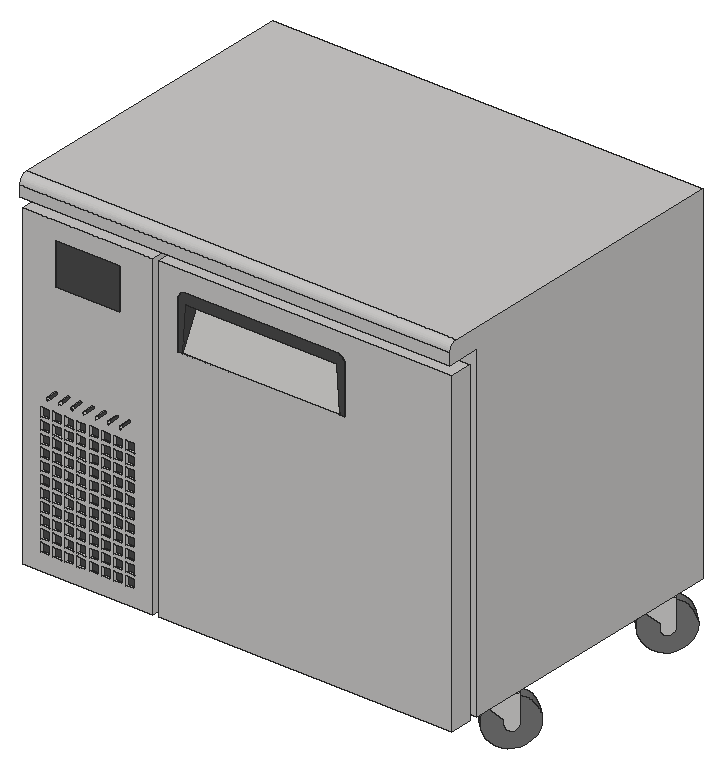
Revit family "QF_Turbo Air_JUR-36cdc43f4a-9d56-4e2c-abd6-0598ae92f046", category Specialty Equipment, Revit 2012
Parameters
  Weight in Pounds = 190
  Watermarked By = "http://revitwatermark.com"
  Volts = 115 V
  URL Cutsheet = ""
  URL = "www.turboairinc.com"
  Status [instance] = ""
  Specification by User [instance] = ""
  Specification by Manufacturer [instance] = ""
  Serial Number [instance] = ""
  Revision Code [instance] = ""
  Phase = 1
  Number of Poles [instance] = 1
  NAFEM Spec ID Number [instance] = ""
  Model = "JUR-36"
  Masterspec [instance] = ""
  Manufacturer = "Turbo Air"  # constant formula
  Legs [instance] = [6 inch Legs]  # no
  Item Number [instance] = "-"
  Installed By [instance] = ""
  HP = "1/4"
  Furnished By [instance] = ""
  Foodservice Equipment Identifier = yes
  FL Amps = 4.5 A
  Electrical Remarks [instance] = ""
  Electric Connection Type [instance] = ""
  Elec Conn RI Height [instance] = 0' - 0"
  Elec Conn Connection Height = 1' - 0"
  Description = "Undercounter Refrigerator"
  Cycle = 60 Hz
  Conn Plug = "NEMA 5-15P"
  Casters [instance] = not(Legs)  # yes
  CasterLeg Height [instance] = if([4 inch Casters], 0' 5", if([5 inch Casters], 0' 5 3/4", if([2_5 inch Casters], 0' 3 3/8", 0' 6")))  # 0' - 5"
  CSI MasterFormat = "11 41 13"
  Assembly Code = "E1090320"
  Apparent Power = if(Phase = 3, Volts * FL Amps * 1.73, Volts * FL Amps)  # 517.5 VA
  6 inch Legs [instance] = no
  5 inch Casters [instance] = no
  4 inch Casters [instance] = yes
  2_5 inch Casters [instance] = no
Reference planes (in)
  plane 1 "BACK": y = -1.5
  plane 2: z = 0
  plane 3 "LEFT": x = -20.72594
  plane 4 "Bottom": z = 5
  plane 5 "Back Stops": y = -0.5
  plane 6 "RIGHT": x = 14.64906
  plane 7 "FRONT": y = -29
  plane 8 "Door Clearance": y = -49.875
  plane 9 "Back of Door": y = -25.4375
  plane 10 "Front of Box": y = -24.75
  plane 11 "Counter Top": z = 33.75
  plane 12 "Top of Door": z = 31.25
  plane 13 "Front of Doors": y = -27.25
  plane 14 "Front of Ledge": y = -27.5
  plane 15 "Left of Door": x = -9.53844
  plane 16 "Right of Grill": x = -9.97594
Forms (in)
  Extrusion 1, solid, material "QF_Finishes_Stainless Steel"
    sketch origin (-20.72594, 0, 0) x (0, 1, 0) y (0, 0, 1)
      loop
        line (-1.5, 5) -> (-1.5, 33.75) -> (-26.8125, 33.75)
        arc (-26.8125, 33.75) -> (-27.29864, 33.54864) -> (-27.5, 33.0625) r 0.6875
        line (-27.5, 33.0625) -> (-27.5, 32.125) -> (-24.75, 32.125) -> (-24.75, 5) -> (-1.5, 5)
    from 0 to 35.375
  Extrusion 2, solid, material "QF_Finishes_Black"
    sketch origin (0, -24.75, 0) x (1, 0, 0) y (0, 0, 1)
      loop
        line (13.64906, 6) -> (13.64906, 30.25) -> (-8.53844, 30.25) -> (-8.53844, 6) -> (13.64906, 6)
    from 0 to 0.6875
  Extrusion 3, solid, material "QF_Finishes_Black"
    sketch origin (0, -1.5, 0) x (1, 0, 0) y (0, 0, 1)
      loop
        circle (-14.60094, 28.9375) r 0.5
      loop
        circle (8.52406, 28.9375) r 0.5
    from 0 to -1
  Extrusion 4, solid, material "QF_Finishes_Stainless Steel"
    sketch origin (0, -1.5, 0) x (1, 0, 0) y (0, 0, 1)
      loop
        circle (-15.35094, 11.125) r 0.25
    from 0 to -0.0625
  Extrusion 5, solid, material "QF_Finishes_Stainless Steel"
    sketch origin (0, -24.75, 0) x (1, 0, 0) y (0, 0, 1)
      loop
        line (-20.72594, 31.25) -> (-20.72594, 5) -> (-9.97594, 5) -> (-9.97594, 31.25) -> (-20.72594, 31.25)
      loop
        line (-11.47594, 7.125) -> (-12.22594, 7.125) -> (-12.22594, 6.375) -> (-11.47594, 6.375) -> (-11.47594, 7.125)
      loop
        line (-12.47594, 7.125) -> (-13.22594, 7.125) -> (-13.22594, 6.375) -> (-12.47594, 6.375) -> (-12.47594, 7.125)
      loop
        line (-13.47594, 7.125) -> (-14.22594, 7.125) -> (-14.22594, 6.375) -> (-13.47594, 6.375) -> (-13.47594, 7.125)
      loop
        line (-14.47594, 7.125) -> (-15.22594, 7.125) -> (-15.22594, 6.375) -> (-14.47594, 6.375) -> (-14.47594, 7.125)
      loop
        line (-15.47594, 7.125) -> (-16.22594, 7.125) -> (-16.22594, 6.375) -> (-15.47594, 6.375) -> (-15.47594, 7.125)
      loop
        line (-16.47594, 7.125) -> (-17.22594, 7.125) -> (-17.22594, 6.375) -> (-16.47594, 6.375) -> (-16.47594, 7.125)
      loop
        line (-17.47594, 7.125) -> (-18.22594, 7.125) -> (-18.22594, 6.375) -> (-17.47594, 6.375) -> (-17.47594, 7.125)
      loop
        line (-18.47594, 7.125) -> (-19.22594, 7.125) -> (-19.22594, 6.375) -> (-18.47594, 6.375) -> (-18.47594, 7.125)
      loop
        line (-11.47594, 8.125) -> (-12.22594, 8.125) -> (-12.22594, 7.375) -> (-11.47594, 7.375) -> (-11.47594, 8.125)
      loop
        line (-12.47594, 8.125) -> (-13.22594, 8.125) -> (-13.22594, 7.375) -> (-12.47594, 7.375) -> (-12.47594, 8.125)
      loop
        line (-13.47594, 8.125) -> (-14.22594, 8.125) -> (-14.22594, 7.375) -> (-13.47594, 7.375) -> (-13.47594, 8.125)
      loop
        line (-14.47594, 8.125) -> (-15.22594, 8.125) -> (-15.22594, 7.375) -> (-14.47594, 7.375) -> (-14.47594, 8.125)
      loop
        line (-15.47594, 8.125) -> (-16.22594, 8.125) -> (-16.22594, 7.375) -> (-15.47594, 7.375) -> (-15.47594, 8.125)
      loop
        line (-16.47594, 8.125) -> (-17.22594, 8.125) -> (-17.22594, 7.375) -> (-16.47594, 7.375) -> (-16.47594, 8.125)
      loop
        line (-17.47594, 8.125) -> (-18.22594, 8.125) -> (-18.22594, 7.375) -> (-17.47594, 7.375) -> (-17.47594, 8.125)
      loop
        line (-18.47594, 8.125) -> (-19.22594, 8.125) -> (-19.22594, 7.375) -> (-18.47594, 7.375) -> (-18.47594, 8.125)
      loop
        line (-11.47594, 9.125) -> (-12.22594, 9.125) -> (-12.22594, 8.375) -> (-11.47594, 8.375) -> (-11.47594, 9.125)
      loop
        line (-12.47594, 9.125) -> (-13.22594, 9.125) -> (-13.22594, 8.375) -> (-12.47594, 8.375) -> (-12.47594, 9.125)
      loop
        line (-13.47594, 9.125) -> (-14.22594, 9.125) -> (-14.22594, 8.375) -> (-13.47594, 8.375) -> (-13.47594, 9.125)
      loop
        line (-14.47594, 9.125) -> (-15.22594, 9.125) -> (-15.22594, 8.375) -> (-14.47594, 8.375) -> (-14.47594, 9.125)
      loop
        line (-15.47594, 9.125) -> (-16.22594, 9.125) -> (-16.22594, 8.375) -> (-15.47594, 8.375) -> (-15.47594, 9.125)
      loop
        line (-16.47594, 9.125) -> (-17.22594, 9.125) -> (-17.22594, 8.375) -> (-16.47594, 8.375) -> (-16.47594, 9.125)
      loop
        line (-17.47594, 9.125) -> (-18.22594, 9.125) -> (-18.22594, 8.375) -> (-17.47594, 8.375) -> (-17.47594, 9.125)
      loop
        line (-18.47594, 9.125) -> (-19.22594, 9.125) -> (-19.22594, 8.375) -> (-18.47594, 8.375) -> (-18.47594, 9.125)
      loop
        line (-11.47594, 10.125) -> (-12.22594, 10.125) -> (-12.22594, 9.375) -> (-11.47594, 9.375) -> (-11.47594, 10.125)
      loop
        line (-12.47594, 10.125) -> (-13.22594, 10.125) -> (-13.22594, 9.375) -> (-12.47594, 9.375) -> (-12.47594, 10.125)
      loop
        line (-13.47594, 10.125) -> (-14.22594, 10.125) -> (-14.22594, 9.375) -> (-13.47594, 9.375) -> (-13.47594, 10.125)
      loop
        line (-14.47594, 10.125) -> (-15.22594, 10.125) -> (-15.22594, 9.375) -> (-14.47594, 9.375) -> (-14.47594, 10.125)
      loop
        line (-15.47594, 10.125) -> (-16.22594, 10.125) -> (-16.22594, 9.375) -> (-15.47594, 9.375) -> (-15.47594, 10.125)
      loop
        line (-16.47594, 10.125) -> (-17.22594, 10.125) -> (-17.22594, 9.375) -> (-16.47594, 9.375) -> (-16.47594, 10.125)
      loop
        line (-17.47594, 10.125) -> (-18.22594, 10.125) -> (-18.22594, 9.375) -> (-17.47594, 9.375) -> (-17.47594, 10.125)
      loop
        line (-18.47594, 10.125) -> (-19.22594, 10.125) -> (-19.22594, 9.375) -> (-18.47594, 9.375) -> (-18.47594, 10.125)
      loop
        line (-11.47594, 11.125) -> (-12.22594, 11.125) -> (-12.22594, 10.375) -> (-11.47594, 10.375) -> (-11.47594, 11.125)
      loop
        line (-12.47594, 11.125) -> (-13.22594, 11.125) -> (-13.22594, 10.375) -> (-12.47594, 10.375) -> (-12.47594, 11.125)
      loop
        line (-13.47594, 11.125) -> (-14.22594, 11.125) -> (-14.22594, 10.375) -> (-13.47594, 10.375) -> (-13.47594, 11.125)
      loop
        line (-14.47594, 11.125) -> (-15.22594, 11.125) -> (-15.22594, 10.375) -> (-14.47594, 10.375) -> (-14.47594, 11.125)
      loop
        line (-15.47594, 11.125) -> (-16.22594, 11.125) -> (-16.22594, 10.375) -> (-15.47594, 10.375) -> (-15.47594, 11.125)
      loop
        line (-16.47594, 11.125) -> (-17.22594, 11.125) -> (-17.22594, 10.375) -> (-16.47594, 10.375) -> (-16.47594, 11.125)
      loop
        line (-17.47594, 11.125) -> (-18.22594, 11.125) -> (-18.22594, 10.375) -> (-17.47594, 10.375) -> (-17.47594, 11.125)
      loop
        line (-18.47594, 11.125) -> (-19.22594, 11.125) -> (-19.22594, 10.375) -> (-18.47594, 10.375) -> (-18.47594, 11.125)
      loop
        line (-11.47594, 12.125) -> (-12.22594, 12.125) -> (-12.22594, 11.375) -> (-11.47594, 11.375) -> (-11.47594, 12.125)
      loop
        line (-12.47594, 12.125) -> (-13.22594, 12.125) -> (-13.22594, 11.375) -> (-12.47594, 11.375) -> (-12.47594, 12.125)
      loop
        line (-13.47594, 12.125) -> (-14.22594, 12.125) -> (-14.22594, 11.375) -> (-13.47594, 11.375) -> (-13.47594, 12.125)
      loop
        line (-14.47594, 12.125) -> (-15.22594, 12.125) -> (-15.22594, 11.375) -> (-14.47594, 11.375) -> (-14.47594, 12.125)
      loop
        line (-15.47594, 12.125) -> (-16.22594, 12.125) -> (-16.22594, 11.375) -> (-15.47594, 11.375) -> (-15.47594, 12.125)
      loop
        line (-16.47594, 12.125) -> (-17.22594, 12.125) -> (-17.22594, 11.375) -> (-16.47594, 11.375) -> (-16.47594, 12.125)
      loop
        line (-17.47594, 12.125) -> (-18.22594, 12.125) -> (-18.22594, 11.375) -> (-17.47594, 11.375) -> (-17.47594, 12.125)
      loop
        line (-18.47594, 12.125) -> (-19.22594, 12.125) -> (-19.22594, 11.375) -> (-18.47594, 11.375) -> (-18.47594, 12.125)
      loop
        line (-11.47594, 13.125) -> (-12.22594, 13.125) -> (-12.22594, 12.375) -> (-11.47594, 12.375) -> (-11.47594, 13.125)
      loop
        line (-12.47594, 13.125) -> (-13.22594, 13.125) -> (-13.22594, 12.375) -> (-12.47594, 12.375) -> (-12.47594, 13.125)
      loop
        line (-13.47594, 13.125) -> (-14.22594, 13.125) -> (-14.22594, 12.375) -> (-13.47594, 12.375) -> (-13.47594, 13.125)
      loop
        line (-14.47594, 13.125) -> (-15.22594, 13.125) -> (-15.22594, 12.375) -> (-14.47594, 12.375) -> (-14.47594, 13.125)
      loop
        line (-15.47594, 13.125) -> (-16.22594, 13.125) -> (-16.22594, 12.375) -> (-15.47594, 12.375) -> (-15.47594, 13.125)
      loop
        line (-16.47594, 13.125) -> (-17.22594, 13.125) -> (-17.22594, 12.375) -> (-16.47594, 12.375) -> (-16.47594, 13.125)
      loop
        line (-17.47594, 13.125) -> (-18.22594, 13.125) -> (-18.22594, 12.375) -> (-17.47594, 12.375) -> (-17.47594, 13.125)
      loop
        line (-18.47594, 13.125) -> (-19.22594, 13.125) -> (-19.22594, 12.375) -> (-18.47594, 12.375) -> (-18.47594, 13.125)
      loop
        line (-11.47594, 14.125) -> (-12.22594, 14.125) -> (-12.22594, 13.375) -> (-11.47594, 13.375) -> (-11.47594, 14.125)
      loop
        line (-12.47594, 14.125) -> (-13.22594, 14.125) -> (-13.22594, 13.375) -> (-12.47594, 13.375) -> (-12.47594, 14.125)
      loop
        line (-13.47594, 14.125) -> (-14.22594, 14.125) -> (-14.22594, 13.375) -> (-13.47594, 13.375) -> (-13.47594, 14.125)
      loop
        line (-14.47594, 14.125) -> (-15.22594, 14.125) -> (-15.22594, 13.375) -> (-14.47594, 13.375) -> (-14.47594, 14.125)
      loop
        line (-15.47594, 14.125) -> (-16.22594, 14.125) -> (-16.22594, 13.375) -> (-15.47594, 13.375) -> (-15.47594, 14.125)
      loop
        line (-16.47594, 14.125) -> (-17.22594, 14.125) -> (-17.22594, 13.375) -> (-16.47594, 13.375) -> (-16.47594, 14.125)
      loop
        line (-17.47594, 14.125) -> (-18.22594, 14.125) -> (-18.22594, 13.375) -> (-17.47594, 13.375) -> (-17.47594, 14.125)
      loop
        line (-18.47594, 14.125) -> (-19.22594, 14.125) -> (-19.22594, 13.375) -> (-18.47594, 13.375) -> (-18.47594, 14.125)
      loop
        line (-11.47594, 15.125) -> (-12.22594, 15.125) -> (-12.22594, 14.375) -> (-11.47594, 14.375) -> (-11.47594, 15.125)
      loop
        line (-12.47594, 15.125) -> (-13.22594, 15.125) -> (-13.22594, 14.375) -> (-12.47594, 14.375) -> (-12.47594, 15.125)
      loop
        line (-13.47594, 15.125) -> (-14.22594, 15.125) -> (-14.22594, 14.375) -> (-13.47594, 14.375) -> (-13.47594, 15.125)
      loop
        line (-14.47594, 15.125) -> (-15.22594, 15.125) -> (-15.22594, 14.375) -> (-14.47594, 14.375) -> (-14.47594, 15.125)
      loop
        line (-15.47594, 15.125) -> (-16.22594, 15.125) -> (-16.22594, 14.375) -> (-15.47594, 14.375) -> (-15.47594, 15.125)
      loop
        line (-16.47594, 15.125) -> (-17.22594, 15.125) -> (-17.22594, 14.375) -> (-16.47594, 14.375) -> (-16.47594, 15.125)
      loop
        line (-17.47594, 15.125) -> (-18.22594, 15.125) -> (-18.22594, 14.375) -> (-17.47594, 14.375) -> (-17.47594, 15.125)
      loop
        line (-18.47594, 15.125) -> (-19.22594, 15.125) -> (-19.22594, 14.375) -> (-18.47594, 14.375) -> (-18.47594, 15.125)
      loop
        line (-11.47594, 16.125) -> (-12.22594, 16.125) -> (-12.22594, 15.375) -> (-11.47594, 15.375) -> (-11.47594, 16.125)
      loop
        line (-12.47594, 16.125) -> (-13.22594, 16.125) -> (-13.22594, 15.375) -> (-12.47594, 15.375) -> (-12.47594, 16.125)
      loop
        line (-13.47594, 16.125) -> (-14.22594, 16.125) -> (-14.22594, 15.375) -> (-13.47594, 15.375) -> (-13.47594, 16.125)
      loop
        line (-14.47594, 16.125) -> (-15.22594, 16.125) -> (-15.22594, 15.375) -> (-14.47594, 15.375) -> (-14.47594, 16.125)
      loop
        line (-15.47594, 16.125) -> (-16.22594, 16.125) -> (-16.22594, 15.375) -> (-15.47594, 15.375) -> (-15.47594, 16.125)
      loop
        line (-16.47594, 16.125) -> (-17.22594, 16.125) -> (-17.22594, 15.375) -> (-16.47594, 15.375) -> (-16.47594, 16.125)
      loop
        line (-17.47594, 16.125) -> (-18.22594, 16.125) -> (-18.22594, 15.375) -> (-17.47594, 15.375) -> (-17.47594, 16.125)
      loop
        line (-18.47594, 16.125) -> (-19.22594, 16.125) -> (-19.22594, 15.375) -> (-18.47594, 15.375) -> (-18.47594, 16.125)
      loop
        line (-11.47594, 17.125) -> (-12.22594, 17.125) -> (-12.22594, 16.375) -> (-11.47594, 16.375) -> (-11.47594, 17.125)
      loop
        line (-12.47594, 17.125) -> (-13.22594, 17.125) -> (-13.22594, 16.375) -> (-12.47594, 16.375) -> (-12.47594, 17.125)
      loop
        line (-13.47594, 17.125) -> (-14.22594, 17.125) -> (-14.22594, 16.375) -> (-13.47594, 16.375) -> (-13.47594, 17.125)
      loop
        line (-14.47594, 17.125) -> (-15.22594, 17.125) -> (-15.22594, 16.375) -> (-14.47594, 16.375) -> (-14.47594, 17.125)
      loop
        line (-15.47594, 17.125) -> (-16.22594, 17.125) -> (-16.22594, 16.375) -> (-15.47594, 16.375) -> (-15.47594, 17.125)
      loop
        line (-16.47594, 17.125) -> (-17.22594, 17.125) -> (-17.22594, 16.375) -> (-16.47594, 16.375) -> (-16.47594, 17.125)
      loop
        line (-17.47594, 17.125) -> (-18.22594, 17.125) -> (-18.22594, 16.375) -> (-17.47594, 16.375) -> (-17.47594, 17.125)
      loop
        line (-18.47594, 17.125) -> (-19.22594, 17.125) -> (-19.22594, 16.375) -> (-18.47594, 16.375) -> (-18.47594, 17.125)
      loop
        arc (-14.68933, 17.96339) -> (-14.68933, 17.78661) -> (-14.51255, 17.78661) r 0.125
        line (-14.51255, 17.78661) -> (-13.80544, 18.49372)
        arc (-13.80544, 18.49372) -> (-13.80544, 18.6705) -> (-13.98222, 18.6705) r 0.125
        line (-13.98222, 18.6705) -> (-14.68933, 17.96339)
      loop
        arc (-13.68933, 17.96339) -> (-13.68933, 17.78661) -> (-13.51255, 17.78661) r 0.125
        line (-13.51255, 17.78661) -> (-12.80544, 18.49372)
        arc (-12.80544, 18.49372) -> (-12.80544, 18.6705) -> (-12.98222, 18.6705) r 0.125
        line (-12.98222, 18.6705) -> (-13.68933, 17.96339)
      loop
        arc (-12.68933, 17.96339) -> (-12.68933, 17.78661) -> (-12.51255, 17.78661) r 0.125
        line (-12.51255, 17.78661) -> (-11.80544, 18.49372)
        arc (-11.80544, 18.49372) -> (-11.80544, 18.6705) -> (-11.98222, 18.6705) r 0.125
        line (-11.98222, 18.6705) -> (-12.68933, 17.96339)
      loop
        arc (-17.68933, 17.96339) -> (-17.68933, 17.78661) -> (-17.51255, 17.78661) r 0.125
        line (-17.51255, 17.78661) -> (-16.80544, 18.49372)
        arc (-16.80544, 18.49372) -> (-16.80544, 18.6705) -> (-16.98222, 18.6705) r 0.125
        line (-16.98222, 18.6705) -> (-17.68933, 17.96339)
      loop
        arc (-16.68933, 17.96339) -> (-16.68933, 17.78661) -> (-16.51255, 17.78661) r 0.125
        line (-16.51255, 17.78661) -> (-15.80544, 18.49372)
        arc (-15.80544, 18.49372) -> (-15.80544, 18.6705) -> (-15.98222, 18.6705) r 0.125
        line (-15.98222, 18.6705) -> (-16.68933, 17.96339)
      loop
        arc (-15.68933, 17.96339) -> (-15.68933, 17.78661) -> (-15.51255, 17.78661) r 0.125
        line (-15.51255, 17.78661) -> (-14.80544, 18.49372)
        arc (-14.80544, 18.49372) -> (-14.80544, 18.6705) -> (-14.98222, 18.6705) r 0.125
        line (-14.98222, 18.6705) -> (-15.68933, 17.96339)
      loop
        arc (-18.68933, 17.96339) -> (-18.68933, 17.78661) -> (-18.51255, 17.78661) r 0.125
        line (-18.51255, 17.78661) -> (-17.80544, 18.49372)
        arc (-17.80544, 18.49372) -> (-17.80544, 18.6705) -> (-17.98222, 18.6705) r 0.125
        line (-17.98222, 18.6705) -> (-18.68933, 17.96339)
      loop
        line (-12.72594, 29.75) -> (-17.97594, 29.75) -> (-17.97594, 26.375) -> (-12.72594, 26.375) -> (-12.72594, 29.75)
    from 0 to 2.5
  Extrusion 6, solid, material "QF_Finishes_Black"
    sketch origin (0, -24.75, 0) x (1, 0, 0) y (0, 0, 1)
      loop
        line (-19.72594, 5.875) -> (-10.97594, 5.875) -> (-10.97594, 19.125) -> (-19.72594, 19.125) -> (-19.72594, 5.875)
    from 0 to 2.25
  Extrusion 7, solid, material "QF_Finishes_Black"
    sketch origin (0, -24.75, 0) x (1, 0, 0) y (0, 0, 1)
      loop
        line (-17.97594, 29.75) -> (-17.97594, 26.375) -> (-12.72594, 26.375) -> (-12.72594, 29.75) -> (-17.97594, 29.75)
    from 0 to 2.5
Lines and regions (in)
  symbolic lines
    curve 1: line (-20.72594, -1.5, 33.75) -> (14.64906, -1.5, 33.75)
    curve 2: line (-20.72594, -29, 33.75) -> (-20.72594, -1.5, 33.75)
    curve 3: line (14.64906, -29, 33.75) -> (-20.72594, -29, 33.75)
    curve 4: line (14.64906, -1.5, 33.75) -> (14.64906, -29, 33.75)
    curve 5: line (8.02406, -0.5, 33.75) -> (9.02406, -0.5, 33.75)
    curve 6: line (-15.10094, -0.5, 33.75) -> (-14.10094, -0.5, 33.75)
    curve 7: line (-15.10094, -0.5, 33.75) -> (-15.10094, -1.5, 33.75)
    curve 8: line (-14.10094, -0.5, 33.75) -> (-14.10094, -1.5, 33.75)
    curve 9: line (8.02406, -0.5, 33.75) -> (8.02406, -1.5, 33.75)
    curve 10: line (9.02406, -0.5, 33.75) -> (9.02406, -1.5, 33.75)
  symbolic lines, style "QF_Clearances", detail levels coarse
    curve 11: line (14.64906, -29, 33.75) -> (14.64906, -49.875, 33.75)
    curve 12: arc (14.64906, -49.875, 33.75) -> (-1.23984, -43.92422, 33.75) -> (-9.31054, -29, 33.75) r 24.1875
Dimensions and locks (in)
  "CasterLeg Height": plane 4 "Bottom" to plane 2
  locked: plane 1 "BACK" to plane 5 "Back Stops" at 1
  locked: plane 6 "RIGHT" to plane 3 "LEFT" at 35.375
  locked: plane 7 "FRONT" to plane 1 "BACK" at 27.5
  locked: plane 9 "Back of Door" to plane 10 "Front of Box" at 0.6875
  locked: plane 11 "Counter Top" to plane 4 "Bottom" at 28.75
  locked: Extrusion 2 sketch curve to plane 6 "RIGHT" at 1
  locked: nested 1 to plane 1 "BACK" at 2.5625
  locked: plane 3 "LEFT" to nested 1 at 2.5
  locked: plane 3 "LEFT" to nested 2 at 2.5
  locked: plane 10 "Front of Box" to nested 2 at 4.625
  locked: nested 3 to plane 6 "RIGHT" at 2.5
  locked: nested 4 to plane 6 "RIGHT" at 2.5
  locked: plane 10 "Front of Box" to nested 4 at 4.625
  locked: nested 3 to plane 1 "BACK" at 2.5625
  locked: plane 11 "Counter Top" to Extrusion 3 sketch curve at 4.8125  (x2)
  locked: plane 6 "RIGHT" to Extrusion 3 sketch curve at 6.125
  locked: Extrusion 3 sketch curve to plane 3 "LEFT" at 6.125
  locked: Extrusion 4 sketch curve to plane 4 "Bottom" at 6.125
  locked: Extrusion 2 sketch curve to plane 4 "Bottom" at 1
  locked: plane 12 "Top of Door" to Extrusion 2 sketch curve at 1
  locked: plane 13 "Front of Doors" to plane 10 "Front of Box" at 2.5
  locked: plane 14 "Front of Ledge" to plane 13 "Front of Doors" at 0.25
  locked: plane 11 "Counter Top" to plane 12 "Top of Door" at 2.5
  locked: plane 11 "Counter Top" to Extrusion 1 sketch curve at 1.625
  locked: plane 15 "Left of Door" to plane 6 "RIGHT" at 24.1875
  locked: plane 3 "LEFT" to plane 16 "Right of Grill" at 10.75
  locked: Extrusion 2 sketch curve to plane 15 "Left of Door" at 1
  locked: plane 3 "LEFT" to Extrusion 6 sketch curve at 1
  locked: plane 16 "Right of Grill" to Extrusion 6 sketch curve at 1
  locked: Extrusion 6 sketch curve to plane 4 "Bottom" at 0.875
  locked: Extrusion 6 sketch curve to Extrusion 6 sketch curve at 13.25
  locked: Extrusion 4 sketch curve to plane 3 "LEFT" at 5.375
  locked: plane 8 "Door Clearance" to plane 7 "FRONT" at 20.875
  aligned and locked: level to plane 2
  aligned and locked: Extrusion 1 sketch curve to plane 1 "BACK"
  aligned and locked: Extrusion 1 sketch curve to plane 4 "Bottom"
  aligned and locked: plane 10 "Front of Box" to Extrusion 1 sketch curve
  aligned and locked: plane 6 "RIGHT" to Extrusion 1
  aligned and locked: plane 9 "Back of Door" to Extrusion 2
  aligned and locked: Extrusion 1 sketch curve to plane 11 "Counter Top"
  aligned and locked: Extrusion 3 to plane 5 "Back Stops"
  aligned and locked: plane 1 "BACK" to curve 1
  aligned and locked: plane 3 "LEFT" to curve 2
  aligned and locked: curve 3 to plane 7 "FRONT"
  aligned and locked: curve 5 to Extrusion 3
  aligned and locked: curve 6 to Extrusion 3
  aligned and locked: plane 4 "Bottom" to nested 5
  aligned and locked: Extrusion 1 sketch curve to plane 14 "Front of Ledge"
  aligned and locked: plane 15 "Left of Door" to nested 5
  aligned and locked: Extrusion 5 sketch curve to plane 12 "Top of Door"
  aligned and locked: plane 3 "LEFT" to Extrusion 5 sketch curve
  aligned and locked: plane 4 "Bottom" to Extrusion 5 sketch curve
  aligned and locked: plane 16 "Right of Grill" to Extrusion 5 sketch curve
  aligned and locked: plane 13 "Front of Doors" to Extrusion 5
  aligned and locked: plane 13 "Front of Doors" to Extrusion 7
  aligned and locked: plane 6 "RIGHT" to nested 5
Automatic sketch dimensions
  Extrusion 5 sketch curve to Extrusion 5 sketch curve = 0' - 0"  (x162)
  Extrusion 5 sketch curve to Extrusion 5 sketch curve = 0' - 0.08839"  (x42)
  Extrusion 5 sketch curve to Extrusion 5 sketch curve = 0' - 0 1/4"  (x127)
  Extrusion 5 sketch curve to Extrusion 5 sketch curve = 0' - 0.82322"  (x6)
  Extrusion 5 sketch curve to Extrusion 5 sketch curve = 0' - 0.11612"  (x6)
  Extrusion 5 sketch curve to Extrusion 5 sketch curve = 0' - 0 3/4"  (x54)
  Extrusion 5 sketch curve to Extrusion 5 sketch curve = 0' - 0.03661"  (x6)
  Extrusion 5 sketch curve to plane 16 "Right of Grill" = 0' - 2 3/4"
  plane 4 "Bottom" to Extrusion 5 sketch curve = 0' - 1 3/8"  (x2)
  Extrusion 5 sketch curve to Extrusion 5 sketch curve = 0' - 0.66161"  (x7)
  Extrusion 5 sketch curve to Extrusion 5 sketch curve = 0' - 0.53033"  (x6)
  Extrusion 5 sketch curve to Extrusion 5 sketch curve = 0' - 0.70711"  (x2)
  Extrusion 5 sketch curve to plane 12 "Top of Door" = 0' - 4 7/8"
  Extrusion 5 sketch curve to plane 12 "Top of Door" = 0' - 1 1/2"
  Extrusion 7 sketch curve to plane 16 "Right of Grill" = 0' - 2 3/4"
  Extrusion 7 sketch curve to plane 12 "Top of Door" = 0' - 4 7/8"
  Extrusion 7 sketch curve to plane 12 "Top of Door" = 0' - 1 1/2"
  curve 12 to plane 6 "RIGHT" = 0' - 0"
  plane 8 "Door Clearance" to curve 12 = 0' - 0"
  plane 9 "Back of Door" to curve 12 = 0' - 0 1/4"
  curve 5 to curve 5 = 0' - 1"
  curve 6 to curve 6 = 0' - 1"
  Extrusion 1 sketch curve to plane 13 "Front of Doors" = 0' - 0 7/16"
  curve 6 to plane 16 "Right of Grill" = 0' - 4 1/8"
  plane 3 "LEFT" to Extrusion 5 sketch curve = 0' - 1 1/2"
  Extrusion 5 sketch curve to Extrusion 5 sketch curve = 0' - 0.53661"
  plane 3 "LEFT" to Extrusion 5 sketch curve = 0' - 2 3/4"
  plane 3 "LEFT" to Extrusion 7 sketch curve = 0' - 2 3/4"
  curve 10 to plane 6 "RIGHT" = 0' - 5 5/8"
  radius of Extrusion 3 sketch curve = 0' - 0 1/2"  (x2)
  radius of Extrusion 4 sketch curve = 0' - 0 1/4"
Nested families (in)
  nested 1: "FESCasterLeg" at (-18.22594, -4.0625, 0), Legs <- "Legs", Casters <- "Casters", Height <- "CasterLeg Height", type "FESCasterLeg"
    with Legs no, Height 0' - 5", Casters yes, Caster Radius 0' - 2"
  nested 2: "FESCasterLeg" at (-18.22594, -20.125, 0), Legs <- "Legs", Casters <- "Casters", Height <- "CasterLeg Height", type "FESCasterLeg"
    with Legs no, Height 0' - 5", Casters yes, Caster Radius 0' - 2"
  nested 3: "FESCasterLeg" at (12.14906, -4.0625, 0), Legs <- "Legs", Casters <- "Casters", Height <- "CasterLeg Height", type "FESCasterLeg"
    with Legs no, Height 0' - 5", Casters yes, Caster Radius 0' - 2"
  nested 4: "FESCasterLeg" at (12.14906, -20.125, 0), Legs <- "Legs", Casters <- "Casters", Height <- "CasterLeg Height", type "FESCasterLeg"
    with Legs no, Height 0' - 5", Casters yes, Caster Radius 0' - 2"
  nested 5: "QF_Turbo Air_TBL_Door-1" at (-0.52761, -25.4375, 5) x (-1, 0, 0) z (0, 0, 1), type "QF_Turbo Air_TBL_Door-1"
    with Width 2' - 0 3/16", Symbolic Lines no, Height 2' - 2 1/4", Handle Width 1' - 1 11/16", Depth 0' - 1 13/16"
Connectors (in)
  electrical at (-15.35094, -1.4375, 11.125), driven by "Number of Poles", driven by "Volts", driven by "Apparent Power"
    settings: on Extrusion 4, index 1, voltage 115 V, apparent load 517.5 VA, apparent load phase1 0 VA, apparent load phase2 0 VA, apparent load phase3 0 VA, power factor 1, load classification "Other", number of poles 1, system type 30, power factor state 1, is connector primary yes, connector utility no, sub classification motor no, connector description ""
Definition of nested family "FESCasterLeg"
  Parameters (values of type "FESCasterLeg")
    Watermarked By = "http://revitwatermark.com"
    Type Comments = "⍁⍉⌁⌀⏭⎽⌇⍠⌜⍉⎖⌥⌦⌯⍭⏊⍻⍿⍊⏵⍊⏗⏠⍴⎡⌈⎀⍠⌓⌤⏘⎐⍀⌐⏬⏁⎈⏍⏦⎒⏬⌝⍩⍇⌣〈⎫〉⎁⏊⍥⍖⍥⍝⍦⌖⍀⏌⏭⎝⎼⏷⏞⍻⏯⎽⏷⏞⍻⏯⎽⏷⎺⌻⎝⍎⌧⏷⏟⏿⌿⍜⍦⍤⌁⍬⏶⏎⍊⏚⏉⎞⌡⎀⎪⏈⌟⌿⍾⍼⌟⌿⌢⌞⏜⏝⎽⍷⍷⍯⍧⍷⌯⍽⏸⏨⏾⏎⌣⏺⍹⏼⏅⎏⌽⎫⎪⍙⎓⏗⎗⏅⌴⍏⍏⍿⏑⎺⍘⌭⏲⍥⎛⎾⎾⍞⍌⎪⎲⌙⎥⏏⎟⎟⏼⏘⎏⎝⏧⏍⏁⍏⍧⏯⏾⌟"
    Legs [instance] = yes
    Height [instance] = 0' - 6"
    Caster Radius [instance] = if(Height < 0' 3", 0' 1", (Height / 2) - 0' 0 1/2")  # 0' - 2 1/2"
    Casters [instance] = yes
    Assembly Code = ""
  Reference planes (in)
    plane 1 "Center (Front/Back)": y = 0
    plane 2: z = 0
    plane 3 "Center (Left/Right)": x = 0
    plane 4: z = 6
    plane 5: z = 5.5
  Forms (in)
    Extrusion 1, solid, material "QF_Finishes_Stainless Steel", visible <- "Casters"
      sketch origin (-24.12131, -22.88887, 10.18833) x (0.707107, 0.707107, 0) y (0, 0, 1)
        loop
          line (34.98772, -7.68833) -> (34.98772, -4.93833) -> (34.48772, -4.93833) -> (34.39402, -4.68833) -> (32.39402, -4.68833) -> (32.39402, -5.43833) -> (33.98772, -7.34206) -> (33.98772, -7.68833)
          arc (33.98772, -7.68833) -> (34.48772, -8.18833) -> (34.98772, -7.68833) r 0.5
      from 0 to 1.75
    Extrusion 2, solid, material "QF_Finishes_Rubber Black", visible <- "Casters"
      sketch origin (-24.32327, -23.09083, 13.31461) x (0.707107, 0.707107, 0) y (0, 0, 1)
        loop
          circle (34.77334, -10.81461) r 2.5
      from 0.375 to 1.375
    Extrusion 3, solid, material "QF_Finishes_Stainless Steel", visible <- "Casters"
      sketch origin (-7.24148, -8.48391, 0) x (0.707107, 0.707107, 0) y (0, 0, 1)
        loop
          line (10.61603, 5.5) -> (11.61603, 5.5) -> (11.61603, 6) -> (10.61603, 6) -> (10.61603, 5.5)
      from 0 to -1.75
    Blend 4, solid, material "QF_Finishes_Stainless Steel", visible <- "Legs"
      base sketch origin (0, 0, 0) x (1, 0, 0) y (0, 1, 0)
        loop
          circle (0, 0) r 0.5
      top sketch origin (0, 0, 0) x (1, 0, 0) y (0, 1, 0)
        loop
          circle (0, 0) r 1
      from 0 to 6 <- "Height"
  Lines and regions (in)
    symbolic lines, style "QF_Hidden Details", visible <- "Casters", built-in parameter 1006206 <- "Casters"
      curve 1: line (-1.26158, -0.51911, 0) -> (1.39007, 2.13254, 0)
      curve 2: line (-0.53429, -1.24639, 0) -> (2.11736, 1.40526, 0)
    symbolic lines, style "QF_Hidden Details", built-in parameter 1006206 <- "Casters", visible <- "Casters"
      curve 3: line (-1.26158, -0.51911, 0) -> (1.39007, 2.13254, 0)
      curve 4: line (-0.53429, -1.24639, 0) -> (2.11736, 1.40526, 0)
  Dimensions and locks (in)
    locked: plane 4 to plane 5 at 0.5
    "Height": plane 4 to level
    "Caster Radius": Extrusion 2 sketch curve to level
    "Caster Radius": Extrusion 1 sketch curve to level
    "Caster Radius": radius of Extrusion 2 sketch curve
    aligned and locked: plane 2 to level
    aligned: Blend 4 to Extrusion 3
    aligned and locked: plane 4 to Blend 4
    aligned and locked: Extrusion 3 to plane 5
    aligned and locked: plane 4 to Extrusion 3
    aligned and locked: plane 5 to Extrusion 1
  Automatic sketch dimensions
    plane 1 "Center (Front/Back)" to curve 3 = 0' - 0.51911"
    curve 3 to plane 3 "Center (Left/Right)" = 0' - 1.26158"
    plane 1 "Center (Front/Back)" to curve 1 = 0' - 0.51911"
    curve 1 to curve 3 = 0' - 0"  (x3)
    curve 4 to plane 3 "Center (Left/Right)" = 0' - 0.53429"
    curve 2 to curve 4 = 0' - 0"  (x2)
    plane 3 "Center (Left/Right)" to curve 3 = 0' - 1.39007"
    curve 1 to curve 4 = 0' - 0.72729"
    curve 2 to curve 1 = 0' - 0.72729"
    curve 4 to curve 2 = 0' - 0"  (x2)
    curve 2 to plane 1 "Center (Front/Back)" = 0' - 1.40526"
    curve 2 to curve 3 = 0' - 0.72729"
    plane 5 to Extrusion 1 sketch curve = 0' - 0"
    Extrusion 1 sketch curve to Extrusion 1 sketch curve = 0' - 1.5937"
    Extrusion 1 sketch curve to Extrusion 1 sketch curve = 0' - 2"
    Extrusion 1 sketch curve to Extrusion 1 sketch curve = 0' - 0.0937"
    Extrusion 1 sketch curve to Extrusion 1 sketch curve = 0' - 0 1/2"
    Extrusion 1 sketch curve to Extrusion 1 sketch curve = 0' - 0.34627"
    Extrusion 1 sketch curve to plane 5 = 0' - 0 3/4"
    Extrusion 1 sketch curve to plane 5 = 0' - 0 1/4"
    Extrusion 3 sketch curve to plane 5 = 0' - 0"
    plane 4 to Extrusion 3 sketch curve = 0' - 0"
    Extrusion 3 sketch curve to Extrusion 3 sketch curve = 0' - 1"
    plane 1 "Center (Front/Back)" to Blend 4 sketch curve = 0' - 0"  (x2)
    Blend 4 sketch curve to plane 3 "Center (Left/Right)" = 0' - 0"  (x2)
    radius of Blend 4 sketch curve = 0' - 0 1/2"
    radius of Blend 4 sketch curve = 0' - 1"
Definition of nested family "QF_Turbo Air_TBL_Door-1"
  Parameters (values of type "QF_Turbo Air_TBL_Door-1")
    Width [instance] = 2' - 5 5/16"
    Watermarked By = "http://revitwatermark.com"
    Symbolic Lines [instance] = yes
    Manufacturer = "Turbo Air"  # constant formula
    Height [instance] = 2' - 3 7/16"
    Handle Width [instance] = 1' - 5 5/8"
    Depth [instance] = 0' - 1 13/16"
  Reference planes (in)
    plane 1 "BACK": y = 0
    plane 2: z = 0
    plane 3 "LEFT": x = -15.17667
    plane 4: x = 14.13583
    plane 5 "FRONT": y = -1.8125
    plane 6: z = 27.4375
    plane 7 "Right of Handle": x = 12.51083
    plane 8 "Left of Handle": x = -5.11417
  Forms (in)
    Extrusion 1, solid, material "QF_Finishes_Black"
      sketch origin (-31.11417, 0, 15.01083) x (0, 0, -1) y (1, 0, 0)
        loop
          arc (-10.23917, 43.625) -> (-10.63691, 43.46025) -> (-10.80167, 43.0625) r 0.5625
          line (-10.80167, 43.0625) -> (-10.80167, 26.5625)
          arc (-10.80167, 26.5625) -> (-10.63691, 26.16475) -> (-10.23917, 26) r 0.5625
          line (-10.23917, 26) -> (-6.30167, 26) -> (-6.30167, 26.34375) -> (-9.98917, 26.66636) -> (-9.98917, 42.95864) -> (-6.30167, 43.28125) -> (-6.30167, 43.625) -> (-10.23917, 43.625)
      from 0 to 1.8125
    Extrusion 2, solid, material "QF_Finishes_Stainless Steel"
      sketch origin (-5.14542, 0, 15.01083) x (0, 1, 0) y (0, 0, 1)
        loop
          line (-1.8125, 6.30167) -> (0, 6.30167) -> (0, 9.98917) -> (-0.47036, 9.98917) -> (-1.8125, 6.30167)
      from 0.375 to 17.3125
    Extrusion 3, solid, material "QF_Finishes_Stainless Steel"
      sketch origin (0, 0, 0) x (1, 0, 0) y (0, 0, 1)
        loop
          line (-15.17667, 27.4375) -> (-15.17667, 0) -> (14.13583, 0) -> (14.13583, 27.4375) -> (-15.17667, 27.4375)
        loop
          arc (-4.55167, 25.8125) -> (-4.94941, 25.64775) -> (-5.11417, 25.25) r 0.5625
          line (-5.11417, 25.25) -> (-5.11417, 21.3125) -> (12.51083, 21.3125) -> (12.51083, 25.25)
          arc (12.51083, 25.25) -> (12.34608, 25.64775) -> (11.94833, 25.8125) r 0.5625
          line (11.94833, 25.8125) -> (-4.55167, 25.8125)
      from 0 to 1.8125
  Lines and regions (in)
    symbolic lines, visible <- "Symbolic Lines"
      curve 1: line (-15.17667, 0, 25.96875) -> (14.13583, 0, 25.96875)
      curve 2: line (-15.17667, -1.8125, 25.96875) -> (-15.17667, 0, 25.96875)
      curve 3: line (14.13583, -1.8125, 25.96875) -> (-15.17667, -1.8125, 25.96875)
      curve 4: line (14.13583, 0, 25.96875) -> (14.13583, -1.8125, 25.96875)
  Dimensions and locks (in)
    "Width": plane 4 to plane 3 "LEFT"
    "Depth": plane 5 "FRONT" to plane 1 "BACK"
    "Height": plane 6 to plane 2
    locked: Extrusion 3 sketch curve to Extrusion 3 sketch curve at 4.5
    locked: plane 6 to Extrusion 3 sketch curve at 1.625
    locked: plane 6 to Extrusion 1 sketch curve at 1.625
    locked: Extrusion 1 sketch curve to Extrusion 1 sketch curve at 0.8125
    locked: Extrusion 1 sketch curve to Extrusion 1 sketch curve at 4.5  (x2)
    locked: plane 6 to Extrusion 2 sketch curve at 2.4375
    locked: Extrusion 2 sketch curve to Extrusion 2 sketch curve at 3.6875
    locked: Extrusion 2 sketch curve to plane 5 "FRONT" at 1.34214
    locked: plane 7 "Right of Handle" to plane 4 at 1.625
    "Handle Width": plane 8 "Left of Handle" to plane 7 "Right of Handle"
    locked: Extrusion 1 sketch curve to plane 8 "Left of Handle" at 0.34375
    locked: Extrusion 1 sketch curve to plane 8 "Left of Handle" at 0.66636
    locked: Extrusion 1 sketch curve to plane 8 "Left of Handle" at 0.5625
    locked: plane 7 "Right of Handle" to Extrusion 1 sketch curve at 0.34375
    locked: plane 7 "Right of Handle" to Extrusion 1 sketch curve at 0.66636
    locked: plane 7 "Right of Handle" to Extrusion 1 sketch curve at 0.5625
    locked: plane 8 "Left of Handle" to Extrusion 2 at 0.34375
    locked: plane 7 "Right of Handle" to Extrusion 2 at 0.34375
    aligned and locked: level to plane 2
    aligned and locked: Extrusion 3 sketch curve to plane 6
    aligned and locked: plane 3 "LEFT" to Extrusion 3 sketch curve
    aligned and locked: level to Extrusion 3 sketch curve
    aligned and locked: Extrusion 3 sketch curve to plane 4
    aligned and locked: plane 5 "FRONT" to Extrusion 3
    aligned and locked: Extrusion 2 sketch curve to plane 1 "BACK"
    aligned and locked: plane 1 "BACK" to curve 1
    aligned and locked: plane 3 "LEFT" to curve 2
    aligned and locked: curve 3 to plane 5 "FRONT"
    aligned and locked: curve 4 to plane 4
    aligned and locked: Extrusion 3 sketch curve to plane 7 "Right of Handle"
    aligned and locked: Extrusion 3 sketch curve to plane 8 "Left of Handle"
    aligned and locked: Extrusion 1 sketch curve to plane 7 "Right of Handle"
    aligned and locked: plane 8 "Left of Handle" to Extrusion 1 sketch curve
  Automatic sketch dimensions
    Extrusion 3 sketch curve to Extrusion 3 sketch curve = 0' - 0 9/16"  (x2)
    Extrusion 2 sketch curve to plane 5 "FRONT" = 0' - 0"
